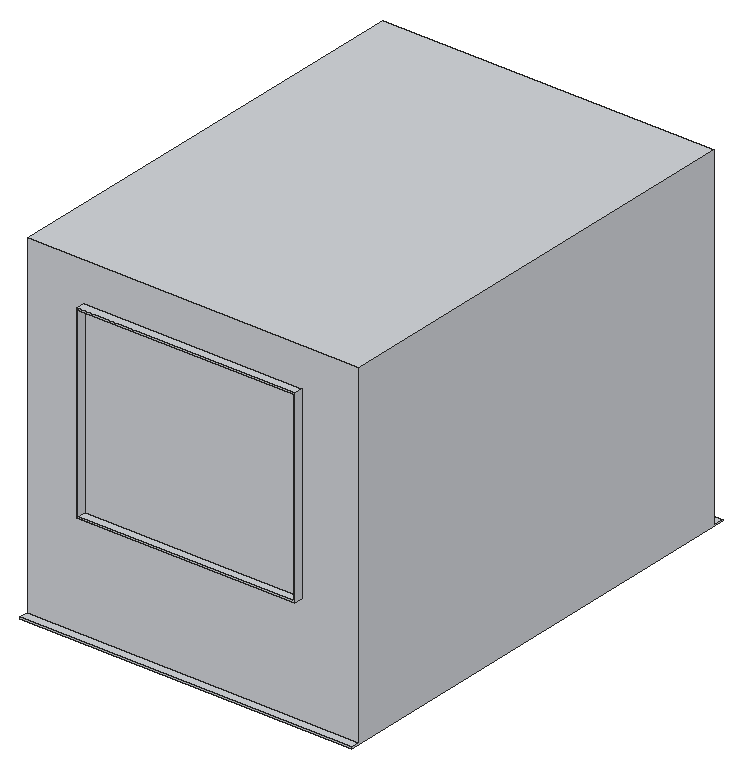
Revit family "BOX BV", category Modelos genéricos, Revit 2017
Family settings
  Puede alojar armadura = No
  Cota de conector redondo = Diámetro de uso
  Tipo de pieza = Normal
  Se basa en plano de trabajo = No
  Siempre vertical = Sí
  Corte con vacíos al cargar = No
  Compartido = No
  Punto de cálculo de habitación = No
Parameters (values of type "BOX BV 18/18")
  URL = "www.casals.com"
  N = 27 mm
  Material = none
  M = 23 mm
  L = 76 mm
  K = 57 mm
  J = B - K - L  # 752 mm
  I = 750 mm
  H = 290 mm
  Fabricante = "Casals Ventilación"
  F = 104 mm
  Esp = 3 mm
  E = B - F - H  # 491 mm
  Dimensiones = "870x885x1218\r\n870x885x1218"
  D = 566 mm
  C = 1168 mm
  B = 885 mm
  A = 870 mm
Types (7, lengths in mm): name | L | K | J | I | H | F | E | Dimensiones | D | C | B | A
  (no name) | 76 | 57 | 752 | 750 | 290 | 104 | 491 | "870x885x1218\r\n870x885x1218" | 566 | 1168 | 885 | 870
  BOX BV 7/7 | 79 | 60 | 311 | 352 | 151 | 81 | 218 | "450x450x748" | 242 | 698 | 450 | 450
  BOX BV 9/9 | 96 | 78 | 361 | 418 | 169 | 96 | 270 | "535x535x818" | 311 | 768 | 535 | 535
  BOX BV 10/10 | 88 | 69 | 423 | 493 | 195 | 84 | 301 | "580x580x848" | 342 | 798 | 580 | 580
  BOX BV 12/12 | 83 | 65 | 502 | 576 | 216 | 83 | 351 | "650x650x918" | 408 | 868 | 650 | 650
  BOX BV 15/15 | 71 | 52 | 652 | 650 | 244 | 118 | 413 | "775x775x1038" | 483 | 988 | 775 | 775
  BOX BV 18/18 | 76 | 57 | 752 | 750 | 290 | 104 | 491 | "870x885x1218\r\n870x885x1218" | 566 | 1168 | 885 | 870
Reference planes
  plane 1 "Centro (Frontal/Posterior)": y = 0
  plane 2: z = 0
  plane 3 "Centro (Izquierda/Derecha)": x = 0
  plane 4: x = -435
  plane 5: x = 435
  plane 6: z = 885
  plane 7: y = -584
  plane 8: y = 584
  plane 9: y = -607
  plane 10: y = 611
  plane 11: z = 781
  plane 12: z = 290
  plane 13: x = -283
  plane 14: x = 283
  plane 15: z = 784
  plane 16: z = 293
  plane 17: x = 286
  plane 18: x = -286
  plane 19: z = 828
  plane 20: z = 76
  plane 21: x = -375
  plane 22: x = 375
  plane 23: z = 831
  plane 24: z = 73
  plane 25: x = -378
  plane 26: x = 378
  plane 27: z = 3
Forms (mm)
  Extrusion 1, solid, material <- "Material"
    sketch origin (0, 0, 0) x (1, 0, 0) y (0, 0, 1)
      loop
        line (-435, 885) -> (-435, 0) -> (435, 0) -> (435, 885) -> (-435, 885)
    from -584 to 584
  Extrusion 2, solid, material <- "Material"
    sketch origin (0, 0, 0) x (1, 0, 0) y (0, 0, 1)
      loop
        line (-286, 784) -> (-286, 290) -> (286, 290) -> (286, 784) -> (-286, 784)
      loop
        line (-283, 781) -> (-283, 293) -> (283, 293) -> (283, 781) -> (-283, 781)
    from 584 to 607
  Extrusion 3, solid, material <- "Material"
    sketch origin (0, 0, 0) x (1, 0, 0) y (0, 0, 1)
      loop
        line (-378, 831) -> (-378, 73) -> (378, 73) -> (378, 831) -> (-378, 831)
      loop
        line (-375, 828) -> (-375, 76) -> (375, 76) -> (375, 828) -> (-375, 828)
    from -611 to -584
  Extrusion 4, solid, material <- "Material"
    sketch origin (0, 0, 0) x (0, 1, 0) y (0, 0, 1)
      loop
        line (-584, 0) -> (-584, 3) -> (-607, 3) -> (-607, 0) -> (-584, 0)
    from -435 to 435
  Extrusion 5, solid, material <- "Material"
    sketch origin (0, 0, 0) x (0, 1, 0) y (0, 0, 1)
      loop
        line (611, 0) -> (611, 3) -> (584, 3) -> (584, 0) -> (611, 0)
    from -435 to 435
Cuts and joins
  joined: Extrusion 1, Extrusion 2, Extrusion 3, Extrusion 4, Extrusion 5
Dimensions and locks
  equal spacing: plane 5, plane 3 "Centro (Izquierda/Derecha)", plane 4
  "B": plane 6 to level
  "A": plane 5 to plane 4
  equal spacing: plane 7, plane 1 "Centro (Frontal/Posterior)", plane 8
  "M": plane 9 to plane 7
  "C": plane 7 to plane 8
  "N": plane 8 to plane 10
  equal spacing: plane 14, plane 3 "Centro (Izquierda/Derecha)", plane 13
  "D": plane 14 to plane 13
  "F": plane 6 to plane 11
  "H": plane 12 to plane 2
  "Esp": plane 13 to plane 18
  "Esp": plane 17 to plane 14
  "Esp": plane 15 to plane 11
  "Esp": plane 16 to plane 12
  equal spacing: plane 22, plane 3 "Centro (Izquierda/Derecha)", plane 21
  "K": plane 6 to plane 19
  "L": plane 20 to plane 2
  "I": plane 22 to plane 21
  "Esp": plane 21 to plane 25
  "Esp": plane 26 to plane 22
  "Esp": plane 23 to plane 19
  "Esp": plane 20 to plane 24
  "Esp": plane 27 to plane 2
  aligned and locked: level to plane 2
  aligned and locked: Extrusion 1 sketch curve to plane 6
  aligned and locked: plane 2 to Extrusion 1 sketch curve
  aligned and locked: Extrusion 1 to plane 7
  aligned and locked: plane 8 to Extrusion 1
  aligned and locked: Extrusion 2 sketch curve to plane 15
  aligned and locked: Extrusion 2 sketch curve to plane 17
  aligned and locked: plane 13 to Extrusion 2 sketch curve
  aligned and locked: Extrusion 2 sketch curve to plane 16
  aligned and locked: Extrusion 2 sketch curve to plane 14
  aligned and locked: Extrusion 2 to plane 9
  aligned and locked: plane 7 to Extrusion 2
  aligned and locked: Extrusion 3 sketch curve to plane 23
  aligned and locked: plane 25 to Extrusion 3 sketch curve
  aligned and locked: Extrusion 3 sketch curve to plane 26
  aligned and locked: Extrusion 3 sketch curve to plane 19
  aligned and locked: Extrusion 3 sketch curve to plane 20
  aligned and locked: Extrusion 3 sketch curve to plane 22
  aligned and locked: plane 10 to Extrusion 3
  aligned and locked: Extrusion 3 to plane 8
  aligned and locked: level to Extrusion 5 sketch curve
  aligned and locked: Extrusion 5 sketch curve to plane 10
  aligned and locked: plane 8 to Extrusion 5 sketch curve
  aligned and locked: plane 27 to Extrusion 4
  aligned and locked: Extrusion 5 to plane 27
  aligned and locked: Extrusion 4 to plane 4
  aligned and locked: Extrusion 5 to plane 4
  aligned and locked: plane 5 to Extrusion 4
  aligned and locked: plane 5 to Extrusion 5
Automatic sketch dimensions
  Extrusion 1 sketch curve to plane 4 = 0 mm
  Extrusion 1 sketch curve to plane 5 = 0 mm
  Extrusion 3 sketch curve to plane 21 = 0 mm
  Extrusion 3 sketch curve to plane 24 = 0 mm
  Extrusion 4 sketch curve to level = 0 mm
  Extrusion 4 sketch curve to plane 9 = 0 mm
  Extrusion 4 sketch curve to plane 7 = 0 mm
  level to Extrusion 5 sketch curve = 3 mm
  level to Extrusion 4 sketch curve = 3 mm
  Extrusion 2 sketch curve to plane 12 = 0 mm
  Extrusion 2 sketch curve to plane 18 = 0 mm
  Extrusion 2 sketch curve to plane 11 = 0 mm
Connectors
  hvac at (0, -607, 537), driven by "E", driven by "D"
    settings: on Extrusion 2, index 1, duct flow 0.0 L/s, flow factor 0, pres drop 0.0 Pa, loss coef 0, conn angle 0.00°, conn width 566 mm, conn height 491 mm, conn diameter 609.6 mm, duct sys type 1, conn prof type 1, flow config 0, flow direction 2, loss method 0, conn ref index -1, conn util no, is conn primary yes, conn desc ""
  hvac at (0, 611, 452), driven by "J", driven by "I"
    settings: on Extrusion 3, index 2, duct flow 0.0 L/s, flow factor 0, pres drop 0.0 Pa, loss coef 0, conn angle 0.00°, conn width 750 mm, conn height 752 mm, conn diameter 609.6 mm, duct sys type 1, conn prof type 1, flow config 0, flow direction 1, loss method 0, conn ref index -1, conn util no, is conn primary no, conn desc ""
